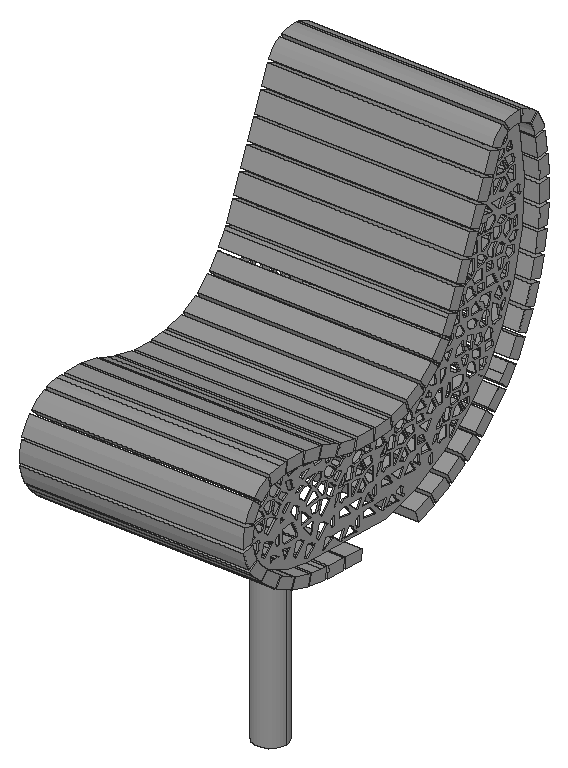
Revit family "Кресло стальное «Филигран Уно» Арт 14883", category Антураж, Revit 2018
Family settings
  На основе рабочей плоскости = Нет
  Всегда вертикально = Да
  При загрузке вырезать с полостями = Нет
  Источник визуального образа = Геометрия семейства
  Общий = Нет
  Точка расчета площади = Нет
Parameters (values of type "Кресло стальное «Филигран Уно»")
  Ширина = 1204 mm  # constant formula
  Цвет опор = Сталь
  Цвет лавки = Дерево
  Описание = "Кресло стальное «Филигран Уно»"  # constant formula
  Материал изделия = "Сталь, дерево"  # constant formula
  Изображение типоразмера = Кресло стальное «Филигран Уно» Арт 14883.jpg
  Изготовитель = "ООО «Хоббика»"  # constant formula
  Длина = 700 mm  # constant formula
  Группа модели = "Садовые скамейки"  # constant formula
  Высота = 1104 mm  # constant formula
  Артикул товара = "Арт. 14883"  # constant formula
  URL = "https://hobbyka.ru/product/kreslo_filigran_uno/"
Reference planes
  plane 1 "По центру (Вперед/Назад)": y = 0
  plane 2: z = 0
  plane 3 "По центру (Влево/Вправо)": x = 0
  plane 4: x = 700
  plane 5: y = 1204
  plane 6: z = 1104
Forms (mm)
  Extrusion 1, solid, material "Дерево" <- "Цвет лавки"
    sketch origin (0, 0, 0) x (0, 1, 0) y (0, 0, 1)
      loop
        line (1001.019, 1026.274) -> (968.864, 1040.096) -> (945.169, 984.973) -> (977.325, 971.151) -> (1001.047, 1026.34)
      loop
        arc (798.892, 644.667) -> (789.654, 624.919) -> (779.007, 605.893) r 300
        line (779.007, 605.893) -> (808.187, 586.521)
        arc (808.187, 586.521) -> (820.462, 608.294) -> (831.079, 630.921) r 335
        line (831.079, 630.921) -> (835.159, 640.411) -> (803.003, 654.233) -> (798.892, 644.667)
      loop
        arc (559.271, 464.052) -> (537.83, 461.938) -> (516.313, 460.851) r 450.694
        line (516.313, 460.851) -> (514.185, 425.792)
        arc (514.185, 425.792) -> (538.906, 426.923) -> (563.536, 429.313) r 485.694
        arc (563.536, 429.313) -> (568.799, 430.001) -> (574.05, 430.773) r 335
        line (574.05, 430.773) -> (569.91, 465.552)
        arc (569.91, 465.552) -> (564.597, 464.754) -> (559.271, 464.052) r 300
      loop
        arc (342.831, 490.627) -> (327.045, 496.349) -> (311.054, 501.472) r 446.201
        line (311.054, 501.472) -> (298.312, 468.743)
        arc (298.312, 468.743) -> (314.411, 463.675) -> (330.288, 457.952) r 411.201
        arc (330.288, 457.952) -> (342.584, 453.421) -> (354.997, 449.224) r 485.694
        line (354.997, 449.224) -> (368.463, 481.664)
        arc (368.463, 481.664) -> (355.579, 485.953) -> (342.831, 490.627) r 450.694
      loop
        arc (144.038, 518.566) -> (123.448, 515.405) -> (103.443, 509.598) r 160.168
        line (103.443, 509.598) -> (110.226, 474.701)
        arc (110.226, 474.701) -> (128.314, 480.605) -> (147.088, 483.699) r 125.168
        arc (147.088, 483.699) -> (153.798, 484.231) -> (160.516, 484.652) r 411.201
        line (160.516, 484.652) -> (162.651, 519.803)
        arc (162.651, 519.803) -> (153.338, 519.281) -> (144.038, 518.566) r 446.201
      loop
        arc (40.858, 249.773) -> (52.674, 237.623) -> (64.989, 225.977) r 404.732
        line (64.989, 225.977) -> (88.499, 251.905)
        arc (88.499, 251.905) -> (77.25, 262.543) -> (66.456, 273.643) r 369.732
        arc (66.456, 273.643) -> (59.58, 281.671) -> (53.405, 290.251) r 125.168
        line (53.405, 290.251) -> (24.674, 270.247)
        arc (24.674, 270.247) -> (32.348, 259.68) -> (40.858, 249.773) r 160.168
      loop
        arc (301.586, 122.608) -> (310.154, 121.867) -> (318.723, 121.143) r 4333.056
        line (318.723, 121.143) -> (321.635, 156.022)
        arc (321.635, 156.022) -> (313.135, 156.74) -> (304.636, 157.475) r 4298.056
        arc (304.636, 157.475) -> (285.222, 159.692) -> (265.953, 162.931) r 369.732
        line (265.953, 162.931) -> (259.241, 128.581)
        arc (259.241, 128.581) -> (280.334, 125.035) -> (301.586, 122.608) r 404.732
      loop
        arc (685.944, 122.244) -> (714.486, 131.477) -> (742.618, 141.892) r 719.086
        line (742.618, 141.892) -> (728.036, 173.768)
        arc (728.036, 173.768) -> (701.246, 163.933) -> (674.07, 155.224) r 684.086
        line (674.07, 155.224) -> (685.944, 122.244)
      loop
        arc (1046.854, 369.803) -> (1056.822, 384.372) -> (1066.472, 399.154) r 815.448
        line (1066.472, 399.154) -> (1036.959, 417.969)
        arc (1036.959, 417.969) -> (1027.964, 404.182) -> (1018.681, 390.588) r 780.448
        arc (1018.681, 390.588) -> (1011.063, 380.985) -> (1003.274, 371.519) r 684.086
        line (1003.274, 371.519) -> (1031.366, 350.554)
        arc (1031.366, 350.554) -> (1039.193, 360.112) -> (1046.854, 369.803) r 719.086
      loop
        arc (1173.094, 1022.324) -> (1164.513, 1046.113) -> (1150.627, 1067.25) r 107.821
        line (1150.627, 1067.25) -> (1125.796, 1042.291)
        arc (1125.796, 1042.291) -> (1135.772, 1024.731) -> (1140.542, 1005.105) r 72.821
        line (1140.542, 1005.105) -> (1175.149, 1013.262)
        arc (1175.149, 1013.262) -> (1174.134, 1017.796) -> (1173.094, 1022.324) r 815.448
      loop
        arc (460.185, 146.705) -> (430.472, 148.325) -> (400.77, 150.15) r 4298.056
        line (400.77, 150.15) -> (398.503, 115.223)
        arc (398.503, 115.223) -> (428.446, 113.383) -> (458.401, 111.751) r 4333.056
        line (458.401, 111.751) -> (460.185, 146.705)
      loop
        line (941.22, 975.786) -> (917.526, 920.662) -> (949.681, 906.841) -> (973.376, 961.964) -> (941.22, 975.786)
      loop
        line (913.577, 911.475) -> (889.883, 856.352) -> (922.038, 842.53) -> (945.732, 897.653) -> (913.577, 911.475)
      loop
        line (885.933, 847.164) -> (862.239, 792.041) -> (894.394, 778.219) -> (918.089, 833.343) -> (885.933, 847.164)
      loop
        line (858.29, 782.854) -> (834.596, 727.731) -> (866.751, 713.909) -> (890.445, 769.032) -> (858.29, 782.854)
      loop
        line (830.647, 718.543) -> (806.952, 663.42) -> (839.108, 649.598) -> (862.802, 704.722) -> (830.647, 718.543)
      loop
        line (973.205, 1049.115) -> (1005.551, 1035.211)
        arc (1005.551, 1035.211) -> (1018.207, 1050.95) -> (1034.7, 1062.607) r 72.821
        line (1034.7, 1062.607) -> (1014.578, 1091.498)
        arc (1014.578, 1091.498) -> (990.924, 1073.203) -> (973.205, 1049.115) r 107.821
      loop
        arc (774.239, 598.313) -> (758.609, 576.473) -> (741.088, 556.119) r 300
        line (741.088, 556.119) -> (765.614, 531.116)
        arc (765.614, 531.116) -> (785.273, 553.764) -> (802.828, 578.079) r 335
        line (802.828, 578.079) -> (774.239, 598.313)
      loop
        arc (734.851, 549.693) -> (715.03, 531.57) -> (693.668, 515.293) r 300
        line (693.668, 515.293) -> (712.475, 485.746)
        arc (712.475, 485.746) -> (736.404, 503.824) -> (758.621, 523.969) r 335
        line (758.621, 523.969) -> (734.851, 549.693)
      loop
        arc (686.234, 510.3) -> (663.085, 496.684) -> (638.812, 485.192) r 300
        line (638.812, 485.192) -> (651.08, 452.387)
        arc (651.08, 452.387) -> (678.238, 465.107) -> (704.151, 480.205) r 335
        line (704.151, 480.205) -> (686.234, 510.3)
      loop
        arc (630.422, 481.819) -> (604.949, 473.308) -> (578.818, 467.109) r 300
        line (578.818, 467.109) -> (584.004, 432.471)
        arc (584.004, 432.471) -> (613.212, 439.272) -> (641.696, 448.658) r 335
        line (641.696, 448.658) -> (630.422, 481.819)
      loop
        arc (506.315, 460.697) -> (476.333, 461.564) -> (446.475, 464.423) r 450.694
        line (446.475, 464.423) -> (438.949, 430.115)
        arc (438.949, 430.115) -> (471.106, 426.831) -> (503.409, 425.693) r 485.694
        line (503.409, 425.693) -> (506.315, 460.697)
      loop
        arc (436.573, 465.817) -> (407.086, 471.312) -> (378.03, 478.755) r 450.694
        line (378.03, 478.755) -> (365.287, 446.024)
        arc (365.287, 446.024) -> (396.549, 437.806) -> (428.288, 431.684) r 485.694
        line (428.288, 431.684) -> (436.573, 465.817)
      loop
        arc (301.444, 504.236) -> (272.276, 511.226) -> (242.703, 516.241) r 446.201
        line (242.703, 516.241) -> (234.853, 481.972)
        arc (234.853, 481.972) -> (262.238, 477.542) -> (289.261, 471.277) r 411.201
        line (289.261, 471.277) -> (301.444, 504.236)
      loop
        arc (232.735, 517.475) -> (202.765, 519.822) -> (172.705, 520.146) r 446.201
        line (172.705, 520.146) -> (169.945, 485.059)
        arc (169.945, 485.059) -> (197.753, 484.996) -> (225.493, 483.055) r 411.201
        line (225.493, 483.055) -> (232.735, 517.475)
      loop
        arc (94.153, 505.901) -> (67.917, 491.443) -> (44.832, 472.353) r 160.168
        line (44.832, 472.353) -> (70.078, 448.098)
        arc (70.078, 448.098) -> (85.747, 461.217) -> (103.341, 471.611) r 125.168
        line (103.341, 471.611) -> (94.153, 505.901)
      loop
        line (1023.478, 1096.05) -> (1040.837, 1065.42)
        arc (1040.837, 1065.42) -> (1060.434, 1070.305) -> (1080.618, 1069.62) r 72.821
        line (1080.618, 1069.62) -> (1082.057, 1104.798)
        arc (1082.057, 1104.798) -> (1052.155, 1104.525) -> (1023.478, 1096.05) r 107.821
      loop
        line (1091.898, 1103.044) -> (1087.208, 1068.15)
        arc (1087.208, 1068.15) -> (1105.771, 1060.194) -> (1121.435, 1047.445) r 72.821
        line (1121.435, 1047.445) -> (1143.848, 1074.597)
        arc (1143.848, 1074.597) -> (1119.865, 1092.457) -> (1091.898, 1103.044) r 107.821
      loop
        line (1177.253, 1003.44) -> (1142.51, 998.588)
        arc (1142.51, 998.588) -> (1148.107, 969.295) -> (1152.58, 939.81) r 780.448
        line (1152.58, 939.81) -> (1187.278, 944.397)
        arc (1187.278, 944.397) -> (1182.808, 974.011) -> (1177.253, 1003.44) r 815.448
      loop
        line (1188.528, 934.476) -> (1153.777, 930.314)
        arc (1153.777, 930.314) -> (1156.666, 901.749) -> (1158.502, 873.097) r 780.448
        line (1158.502, 873.097) -> (1193.466, 874.693)
        arc (1193.466, 874.693) -> (1191.547, 904.63) -> (1188.528, 934.476) r 815.448
      loop
        line (1193.861, 864.701) -> (1158.88, 863.534)
        arc (1158.88, 863.534) -> (1159.31, 834.826) -> (1158.683, 806.122) r 780.448
        line (1158.683, 806.122) -> (1193.655, 804.715)
        arc (1193.655, 804.715) -> (1194.309, 834.706) -> (1193.861, 864.701) r 815.448
      loop
        line (1193.191, 794.726) -> (1158.239, 796.562)
        arc (1158.239, 796.562) -> (1156.206, 767.923) -> (1153.121, 739.379) r 780.448
        line (1153.121, 739.379) -> (1187.843, 734.978)
        arc (1187.843, 734.978) -> (1191.067, 764.803) -> (1193.191, 794.726) r 815.448
      loop
        line (1186.525, 725.065) -> (1151.859, 729.891)
        arc (1151.859, 729.891) -> (1147.378, 701.533) -> (1141.856, 673.358) r 780.448
        line (1141.856, 673.358) -> (1176.074, 665.996)
        arc (1176.074, 665.996) -> (1181.842, 695.435) -> (1186.525, 725.065) r 815.448
      loop
        line (1173.91, 656.233) -> (1139.786, 664.014)
        arc (1139.786, 664.014) -> (1132.89, 636.143) -> (1124.973, 608.546) r 780.448
        line (1124.973, 608.546) -> (1158.433, 598.278)
        arc (1158.433, 598.278) -> (1166.705, 627.113) -> (1173.91, 656.233) r 815.448
      loop
        line (1155.441, 588.736) -> (1122.109, 599.414)
        arc (1122.109, 599.414) -> (1112.849, 572.237) -> (1102.595, 545.42) r 780.448
        line (1102.595, 545.42) -> (1135.052, 532.321)
        arc (1135.052, 532.321) -> (1145.765, 560.341) -> (1155.441, 588.736) r 815.448
      loop
        line (1131.253, 523.071) -> (1098.959, 536.567)
        arc (1098.959, 536.567) -> (1087.403, 510.284) -> (1074.888, 484.445) r 780.448
        line (1074.888, 484.445) -> (1106.102, 468.612)
        arc (1106.102, 468.612) -> (1119.178, 495.61) -> (1131.253, 523.071) r 815.448
      loop
        line (1101.523, 459.721) -> (1070.506, 475.936)
        arc (1070.506, 475.936) -> (1056.739, 450.742) -> (1042.054, 426.07) r 780.448
        line (1042.054, 426.07) -> (1071.796, 407.619)
        arc (1071.796, 407.619) -> (1087.139, 433.397) -> (1101.523, 459.721) r 815.448
      loop
        line (1024.912, 342.916) -> (997.114, 364.27)
        arc (997.114, 364.27) -> (978.035, 343.047) -> (958.088, 322.638) r 684.086
        line (958.088, 322.638) -> (984.01, 299.042)
        arc (984.01, 299.042) -> (1004.918, 320.552) -> (1024.912, 342.916) r 719.086
      loop
        line (976.843, 292.068) -> (951.252, 316.022)
        arc (951.252, 316.022) -> (930.202, 296.753) -> (908.366, 278.38) r 684.086
        line (908.366, 278.38) -> (931.871, 252.376)
        arc (931.871, 252.376) -> (954.771, 271.753) -> (976.843, 292.068) r 719.086
      loop
        line (924.061, 246.132) -> (900.919, 272.46)
        arc (900.919, 272.46) -> (878.095, 255.329) -> (854.577, 239.164) r 684.086
        line (854.577, 239.164) -> (875.444, 210.999)
        arc (875.444, 210.999) -> (900.119, 228.058) -> (924.061, 246.132) r 719.086
      loop
        line (867.063, 205.543) -> (846.59, 233.996)
        arc (846.59, 233.996) -> (822.209, 219.164) -> (797.231, 205.362) r 684.086
        line (797.231, 205.362) -> (815.262, 175.302)
        arc (815.262, 175.302) -> (841.478, 189.882) -> (867.063, 205.543) r 719.086
      loop
        line (806.391, 170.687) -> (788.78, 200.994)
        arc (788.78, 200.994) -> (763.073, 188.602) -> (736.872, 177.293) r 684.086
        line (736.872, 177.293) -> (751.895, 145.623)
        arc (751.895, 145.623) -> (779.404, 157.587) -> (806.391, 170.687) r 719.086
      loop
        arc (37.98, 465.071) -> (20.329, 440.868) -> (7.494, 413.801) r 160.168
        line (7.494, 413.801) -> (40.633, 402.511)
        arc (40.633, 402.511) -> (50.787, 423.605) -> (64.691, 442.439) r 125.168
        line (64.691, 442.439) -> (37.98, 465.071)
      loop
        arc (4.368, 404.303) -> (-1.38, 374.904) -> (-1.552, 344.948) r 160.168
        line (-1.552, 344.948) -> (33.251, 348.747)
        arc (33.251, 348.747) -> (33.522, 372.155) -> (38.147, 395.104) r 125.168
        line (38.147, 395.104) -> (4.368, 404.303)
      loop
        arc (-0.364, 335.021) -> (6.872, 305.952) -> (19.395, 278.738) r 160.168
        line (19.395, 278.738) -> (49.319, 296.911)
        arc (49.319, 296.911) -> (39.657, 318.234) -> (34.134, 340.983) r 125.168
        line (34.134, 340.983) -> (-0.364, 335.021)
      loop
        arc (72.479, 219.352) -> (95.899, 200.615) -> (120.642, 183.663) r 404.732
        line (120.642, 183.663) -> (139.34, 213.25)
        arc (139.34, 213.25) -> (116.736, 228.736) -> (95.342, 245.853) r 369.732
        line (95.342, 245.853) -> (72.479, 219.352)
      loop
        arc (129.161, 178.426) -> (155.456, 163.998) -> (182.747, 151.558) r 404.732
        line (182.747, 151.558) -> (196.075, 183.921)
        arc (196.075, 183.921) -> (171.143, 195.286) -> (147.122, 208.466) r 369.732
        line (147.122, 208.466) -> (129.161, 178.426)
      loop
        arc (192.04, 147.865) -> (220.426, 138.178) -> (249.451, 130.619) r 404.732
        line (249.451, 130.619) -> (257.01, 164.793)
        arc (257.01, 164.793) -> (230.495, 171.698) -> (204.564, 180.547) r 369.732
        line (204.564, 180.547) -> (192.04, 147.865)
      loop
        arc (328.689, 120.323) -> (358.599, 117.999) -> (388.524, 115.883) r 4333.056
        line (388.524, 115.883) -> (390.872, 150.804)
        arc (390.872, 150.804) -> (361.189, 152.903) -> (331.521, 155.208) r 4298.056
        line (331.521, 155.208) -> (328.689, 120.323)
    from 0 to 700
  Extrusion 2, solid, material "Сталь" <- "Цвет опор"
    sketch origin (0, 0, 0) x (0, 1, 0) y (0, 0, 1)
      loop
        arc (304.636, 157.475) -> (462.22, 146.602) -> (620.098, 141.526) r 4298.056
        arc (620.098, 141.526) -> (841.45, 230.752) -> (1018.681, 390.588) r 684.086
        arc (1018.681, 390.588) -> (1074.582, 483.843) -> (1116.981, 583.962) r 780.448
        arc (1116.981, 583.962) -> (1158.295, 797.626) -> (1139.005, 1014.391) r 780.448
        arc (1139.005, 1014.391) -> (1074.363, 1070.436) -> (1001.047, 1026.34) r 72.821
        line (1001.047, 1026.34) -> (831.079, 630.921)
        arc (831.079, 630.921) -> (819.769, 606.957) -> (806.599, 583.962) r 335
        arc (806.599, 583.962) -> (702.541, 479.175) -> (563.536, 429.313) r 335
        arc (563.536, 429.313) -> (445.154, 429.313) -> (330.288, 457.952) r 485.694
        arc (330.288, 457.952) -> (240.155, 481.262) -> (147.088, 483.699) r 411.201
        arc (147.088, 483.699) -> (41.143, 403.864) -> (66.456, 273.643) r 125.168
        arc (66.456, 273.643) -> (174.78, 193.487) -> (304.636, 157.475) r 369.732
      loop
        line (1107.727, 583.962) -> (1103.569, 603.525) -> (1076.286, 603.525) -> (1080.444, 583.962) -> (1093.585, 569.82) -> (1107.727, 583.962)
      loop
        line (1074.218, 583.962) -> (1059.661, 609.175) -> (1041.146, 583.962) -> (1063.186, 560.243) -> (1078.405, 568.336) -> (1074.218, 583.962)
      loop
        line (1030.196, 583.962) -> (1033.645, 603.525) -> (991.748, 603.525) -> (981.142, 592.918) -> (998.719, 583.962) -> (1005.389, 563.321) -> (1024.277, 563.321) -> (1030.196, 583.962)
      loop
        line (979.864, 583.962) -> (969.864, 601.282) -> (952.543, 583.962) -> (951.094, 564.071) -> (992.781, 564.071) -> (979.864, 583.962)
      loop
        line (943.404, 583.962) -> (943.404, 598.962) -> (914.319, 598.962) -> (914.319, 583.962) -> (922.078, 572.014) -> (943.404, 566.3) -> (943.404, 583.962)
      loop
        line (908.076, 583.962) -> (908.076, 598.962) -> (891.518, 611.309) -> (879.172, 598.962) -> (879.172, 583.962) -> (874.882, 563.321) -> (909.882, 563.321) -> (908.076, 583.962)
      loop
        line (866.089, 583.962) -> (864.777, 598.962) -> (841.544, 612.375) -> (825.127, 583.939) -> (840.619, 571.835) -> (869.596, 564.071) -> (866.089, 583.962)
      loop
        line (1059.923, 550.905) -> (1035.348, 568.113) -> (1029.244, 538.74) -> (1032.294, 503.874) -> (1067.161, 506.924) -> (1059.923, 550.905)
      loop
        line (1088.688, 564.361) -> (1063.794, 548.195) -> (1071.481, 524.406) -> (1088.688, 548.98) -> (1088.688, 564.361)
      loop
        line (1020.501, 558.207) -> (1002.811, 558.207) -> (982.736, 529.537) -> (992.125, 511.878) -> (1017.125, 511.878) -> (1020.501, 558.207)
      loop
        line (977.38, 539.806) -> (958.979, 558.207) -> (933.979, 558.207) -> (933.979, 543.207) -> (948.515, 528.671) -> (972.663, 522.201) -> (977.38, 539.806)
      loop
        line (929.662, 533.131) -> (913.377, 558.207) -> (898.377, 558.207) -> (886.905, 541.824) -> (897.798, 525.051) -> (922.732, 523.234) -> (929.662, 533.131)
      loop
        line (883.435, 548.199) -> (860.909, 561.733) -> (850.302, 551.127) -> (850.302, 523.583) -> (869.293, 516.671) -> (883.435, 530.813) -> (883.435, 548.199)
      loop
        line (840.302, 562.971) -> (813.908, 572.578) -> (813.908, 549.715) -> (840.302, 523.321) -> (840.302, 562.971)
      loop
        line (805.089, 515.351) -> (805.089, 538.771) -> (779.079, 515.351) -> (805.089, 515.351)
      loop
        line (1036.209, 495.793) -> (1021.192, 506.308) -> (1000.447, 490.101) -> (1004.154, 467.579) -> (1034.154, 467.579) -> (1036.209, 495.793)
      loop
        line (993.761, 501.239) -> (973.962, 508.839) -> (963.365, 481.232) -> (977.507, 467.09) -> (998.276, 473.801) -> (993.761, 501.239)
      loop
        line (962.25, 511.65) -> (933.979, 519.225) -> (931.799, 489.305) -> (945.704, 471.506) -> (959.253, 470.519) -> (962.25, 511.65)
      loop
        line (923.832, 496.354) -> (923.832, 516.736) -> (891.773, 497.473) -> (889.957, 472.539) -> (931.527, 472.539) -> (923.832, 496.354)
      loop
        line (883.716, 509.236) -> (840.302, 505.437) -> (861.667, 472.539) -> (883.716, 509.236)
      loop
        line (821.034, 510.41) -> (794.794, 503.616) -> (794.794, 471.737) -> (812.264, 470.464) -> (831.295, 476.614) -> (836.426, 490.709) -> (821.034, 510.41)
      loop
        line (791.667, 501.024) -> (769.855, 501.024) -> (766.8, 459.096) -> (779.38, 467.265) -> (791.667, 501.024)
      loop
        line (763.193, 501.393) -> (724.226, 470.948) -> (761.211, 474.184) -> (763.193, 501.393)
      loop
        line (739.288, 465.621) -> (717.407, 465.621) -> (700.633, 454.728) -> (714.784, 431.178) -> (731.696, 431.178) -> (739.288, 465.621)
      loop
        line (765.37, 453.752) -> (746.41, 453.752) -> (746.41, 425.46) -> (766.41, 425.46) -> (773.482, 432.531) -> (773.482, 445.641) -> (765.37, 453.752)
      loop
        line (814.794, 465.621) -> (790.719, 465.621) -> (783.726, 458.628) -> (783.726, 445.672) -> (798.276, 435.484) -> (817.807, 431.178) -> (814.794, 465.621)
      loop
        line (859.258, 467.103) -> (830.598, 467.103) -> (830.598, 422.103) -> (835.598, 422.103) -> (854.478, 445.417) -> (859.258, 467.103)
      loop
        line (891.514, 464.69) -> (868.761, 464.69) -> (868.761, 446.155) -> (894.476, 430.704) -> (907.123, 430.704) -> (891.514, 464.69)
      loop
        line (940.897, 465.621) -> (910.69, 465.621) -> (918.208, 436.578) -> (935.894, 436.578) -> (943.373, 456.06) -> (940.897, 465.621)
      loop
        line (991.24, 465.621) -> (956.24, 465.621) -> (955.15, 450.66) -> (966.152, 436.578) -> (991.24, 434.75) -> (991.24, 465.621)
      loop
        line (1039.253, 464.69) -> (1005.121, 461.704) -> (1005.121, 439.477) -> (1041.183, 442.632) -> (1039.253, 464.69)
      loop
        line (1012.193, 428.336) -> (982.193, 428.336) -> (982.193, 396.715) -> (1005.121, 400.488) -> (1012.193, 428.336)
      loop
        line (967.919, 429.166) -> (954.28, 438.717) -> (939.337, 437.409) -> (930.689, 423.017) -> (930.689, 403.017) -> (950.989, 393.551) -> (976.561, 395.788) -> (967.919, 429.166)
      loop
        line (705.557, 432.877) -> (684.951, 441.734) -> (659.951, 441.734) -> (659.951, 401.734) -> (694.951, 401.734) -> (705.557, 412.341) -> (705.557, 432.877)
      loop
        line (641.776, 435.228) -> (631.584, 396.561) -> (644.225, 391.127) -> (654.831, 401.734) -> (654.831, 435.228) -> (641.776, 435.228)
      loop
        line (726.503, 373.075) -> (721.293, 402.62) -> (711.911, 406.653) -> (698.03, 392.772) -> (701.503, 373.075) -> (726.503, 373.075)
      loop
        line (733.168, 335.274) -> (728.046, 364.322) -> (689.683, 364.322) -> (708.922, 330.999) -> (733.168, 335.274)
      loop
        line (736.586, 283.084) -> (736.586, 330.8) -> (712.852, 326.615) -> (698.173, 316.336) -> (717.371, 283.084) -> (736.586, 283.084)
      loop
        line (755.848, 232.071) -> (748.099, 276.016) -> (721.702, 257.533) -> (755.848, 232.071)
      loop
        line (683.519, 230.797) -> (736.586, 228.016) -> (711.832, 263.368) -> (683.519, 230.797)
      loop
        line (691.828, 396.413) -> (659.951, 396.413) -> (649.344, 385.806) -> (649.344, 373.075) -> (659.951, 362.469) -> (684.571, 366.81) -> (695.178, 377.417) -> (691.828, 396.413)
      loop
        line (629.575, 366.038) -> (624.01, 334.477) -> (631.873, 326.615) -> (651.873, 326.615) -> (657.273, 357.236) -> (645.639, 368.87) -> (629.575, 366.038)
      loop
        line (596.597, 323.059) -> (618.368, 323.059) -> (625.17, 361.632) -> (596.597, 333.059) -> (596.597, 323.059)
      loop
        line (639.695, 282.97) -> (639.695, 320.198) -> (623.467, 323.059) -> (606.452, 313.235) -> (599.526, 286.957) -> (610.132, 276.35) -> (621.598, 282.97) -> (639.695, 282.97)
      loop
        line (645.855, 316.644) -> (645.855, 281.644) -> (654.831, 272.668) -> (686.275, 314.836) -> (659.951, 321.774) -> (645.855, 316.644)
      loop
        line (684.454, 363.231) -> (664.063, 351.458) -> (659.951, 328.14) -> (690.504, 322.753) -> (703.494, 330.253) -> (684.454, 363.231)
      loop
        line (594.997, 289.739) -> (601.587, 314.741) -> (587.368, 309.566) -> (577.677, 279.739) -> (594.997, 289.739)
      loop
        line (669.15, 280.122) -> (692.118, 270.249) -> (710.448, 283.084) -> (691.504, 315.896) -> (669.15, 280.122)
      loop
        line (693.721, 260.793) -> (639.695, 260.793) -> (672.944, 227.544) -> (693.721, 260.793)
      loop
        line (622.872, 263.61) -> (598.252, 259.269) -> (598.252, 239.269) -> (651.686, 229.847) -> (622.872, 263.61)
      loop
        line (583.185, 263.226) -> (563.379, 249.357) -> (567.68, 224.964) -> (583.185, 224.964) -> (583.185, 263.226)
      loop
        line (924.38, 415.85) -> (903.773, 424.707) -> (878.773, 424.707) -> (878.773, 384.707) -> (913.773, 384.707) -> (924.38, 395.314) -> (924.38, 415.85)
      loop
        line (860.598, 418.201) -> (850.406, 379.534) -> (863.047, 374.101) -> (873.654, 384.707) -> (873.654, 418.201) -> (860.598, 418.201)
      loop
        line (945.326, 356.049) -> (940.116, 385.593) -> (930.734, 389.626) -> (916.853, 375.745) -> (920.326, 356.049) -> (945.326, 356.049)
      loop
        line (946.869, 323.369) -> (946.869, 347.295) -> (908.506, 347.295) -> (927.745, 313.972) -> (946.869, 323.369)
      loop
        line (843.61, 369.937) -> (843.61, 417.653) -> (819.876, 413.468) -> (805.197, 403.189) -> (824.395, 369.937) -> (843.61, 369.937)
      loop
        line (792.805, 408.118) -> (791.896, 433.269) -> (765.499, 414.786) -> (792.805, 408.118)
      loop
        line (727.316, 388.049) -> (780.383, 385.268) -> (755.63, 420.62) -> (727.316, 388.049)
      loop
        line (910.651, 379.386) -> (878.773, 379.386) -> (868.167, 368.78) -> (868.167, 356.049) -> (878.773, 345.442) -> (903.394, 349.783) -> (914, 360.39) -> (910.651, 379.386)
      loop
        line (848.398, 349.011) -> (842.833, 317.451) -> (850.696, 309.588) -> (870.696, 309.588) -> (876.095, 340.21) -> (864.462, 351.843) -> (848.398, 349.011)
      loop
        line (815.42, 306.032) -> (837.191, 306.032) -> (843.992, 344.605) -> (815.42, 316.032) -> (815.42, 306.032)
      loop
        line (858.518, 265.943) -> (858.518, 303.171) -> (842.29, 306.032) -> (825.275, 296.209) -> (818.348, 269.93) -> (828.955, 259.324) -> (840.42, 265.943) -> (858.518, 265.943)
      loop
        line (864.678, 299.617) -> (864.678, 264.617) -> (873.654, 255.641) -> (905.097, 297.809) -> (878.773, 304.747) -> (864.678, 299.617)
      loop
        line (903.276, 346.204) -> (882.885, 334.432) -> (878.773, 311.113) -> (909.326, 305.726) -> (922.316, 313.226) -> (903.276, 346.204)
      loop
        line (813.82, 272.712) -> (820.41, 297.714) -> (806.191, 292.539) -> (796.499, 262.712) -> (813.82, 272.712)
      loop
        line (776.174, 366.975) -> (799.142, 357.102) -> (817.472, 369.937) -> (798.528, 402.749) -> (776.174, 366.975)
      loop
        line (800.745, 347.645) -> (746.72, 347.645) -> (779.969, 314.396) -> (800.745, 347.645)
      loop
        line (759.551, 379.765) -> (734.931, 375.424) -> (734.931, 355.424) -> (772.199, 352.951) -> (759.551, 379.765)
      loop
        line (802.008, 256.199) -> (782.201, 242.33) -> (786.502, 217.938) -> (802.008, 217.938) -> (802.008, 256.199)
      loop
        line (763.076, 320.35) -> (738.456, 316.009) -> (738.456, 296.009) -> (775.725, 293.535) -> (763.076, 320.35)
      loop
        line (780.433, 287.207) -> (755.813, 282.866) -> (755.813, 262.866) -> (793.081, 260.392) -> (780.433, 287.207)
      loop
        line (541.204, 418.06) -> (532.481, 421.81) -> (495.598, 421.81) -> (495.598, 386.918) -> (530.598, 386.918) -> (541.204, 397.524) -> (541.204, 418.06)
      loop
        line (477.422, 420.412) -> (467.23, 381.745) -> (479.871, 376.311) -> (490.478, 386.918) -> (490.478, 420.412) -> (477.422, 420.412)
      loop
        line (562.15, 358.259) -> (556.94, 387.803) -> (547.558, 391.836) -> (533.677, 377.955) -> (537.15, 358.259) -> (562.15, 358.259)
      loop
        line (568.815, 320.458) -> (563.693, 349.505) -> (525.33, 349.505) -> (544.569, 316.183) -> (568.815, 320.458)
      loop
        line (572.233, 268.268) -> (572.233, 315.983) -> (548.498, 311.798) -> (533.819, 301.52) -> (553.018, 268.268) -> (572.233, 268.268)
      loop
        line (519.166, 215.98) -> (572.233, 213.199) -> (547.479, 248.551) -> (519.166, 215.98)
      loop
        line (527.475, 381.597) -> (495.598, 381.597) -> (484.991, 370.99) -> (484.991, 358.259) -> (495.598, 347.652) -> (520.218, 351.994) -> (530.825, 362.6) -> (527.475, 381.597)
      loop
        line (465.222, 351.221) -> (459.657, 319.661) -> (467.52, 311.798) -> (487.52, 311.798) -> (492.919, 342.42) -> (481.286, 354.054) -> (465.222, 351.221)
      loop
        line (432.244, 308.243) -> (454.015, 308.243) -> (460.816, 346.815) -> (432.244, 318.243) -> (432.244, 308.243)
      loop
        line (475.342, 268.154) -> (475.342, 305.381) -> (459.114, 308.243) -> (442.099, 298.419) -> (435.172, 272.141) -> (445.779, 261.534) -> (457.245, 268.154) -> (475.342, 268.154)
      loop
        line (481.502, 301.827) -> (481.502, 266.827) -> (490.478, 257.852) -> (521.921, 300.019) -> (495.598, 306.958) -> (481.502, 301.827)
      loop
        line (520.101, 348.415) -> (499.709, 336.642) -> (495.598, 313.324) -> (526.15, 307.936) -> (539.141, 315.436) -> (520.101, 348.415)
      loop
        line (430.644, 274.922) -> (437.234, 299.925) -> (423.015, 294.749) -> (413.324, 264.922) -> (430.644, 274.922)
      loop
        line (504.797, 265.306) -> (527.765, 255.433) -> (546.095, 268.268) -> (527.151, 301.079) -> (504.797, 265.306)
      loop
        line (529.367, 245.976) -> (475.342, 245.976) -> (508.591, 212.727) -> (529.367, 245.976)
      loop
        line (458.519, 248.794) -> (433.899, 244.453) -> (433.899, 224.453) -> (487.333, 215.031) -> (458.519, 248.794)
      loop
        line (418.832, 248.41) -> (399.026, 234.541) -> (403.327, 210.148) -> (418.832, 210.148) -> (418.832, 248.41)
      loop
        line (456.796, 383.773) -> (448.988, 404.8) -> (431.738, 422.895) -> (402.786, 395.294) -> (426.937, 369.961) -> (441.933, 369.603) -> (456.796, 383.773)
      loop
        line (414.487, 431.561) -> (379.468, 412.256) -> (384.258, 399.358) -> (399.254, 399) -> (423.496, 422.111) -> (414.487, 431.561)
      loop
        line (427.966, 327.349) -> (445.755, 351.506) -> (442.2, 361.08) -> (422.575, 361.548) -> (410.715, 345.444) -> (427.966, 327.349)
      loop
        line (405.205, 296.441) -> (422.695, 320.192) -> (396.224, 347.959) -> (385.38, 311.04) -> (405.205, 296.441)
      loop
        line (369.789, 257.955) -> (404.325, 290.88) -> (384.918, 305.171) -> (367.35, 308.703) -> (356.53, 271.863) -> (369.789, 257.955)
      loop
        line (295.326, 260.285) -> (329.931, 219.957) -> (338.437, 262.267) -> (295.326, 260.285)
      loop
        line (420.931, 368.55) -> (398.935, 391.622) -> (383.939, 391.98) -> (374.725, 383.196) -> (374.367, 368.2) -> (394.497, 353.376) -> (409.493, 353.018) -> (420.931, 368.55)
      loop
        line (355.99, 392.648) -> (329.307, 374.899) -> (329.041, 363.782) -> (342.842, 349.307) -> (368.731, 366.528) -> (369.124, 382.976) -> (355.99, 392.648)
      loop
        line (302.127, 386.861) -> (317.149, 371.104) -> (349.761, 392.797) -> (309.365, 393.762) -> (302.127, 386.861)
      loop
        line (302.849, 328.005) -> (329.794, 353.693) -> (320.668, 367.413) -> (301.817, 372.95) -> (278.017, 359.83) -> (277.659, 344.835) -> (290.362, 341.104) -> (302.849, 328.005)
      loop
        line (331.473, 346.782) -> (306.14, 322.631) -> (305.837, 309.941) -> (358.054, 316.279) -> (344.912, 340.12) -> (331.473, 346.782)
      loop
        line (391.826, 350.991) -> (369.234, 357.627) -> (349.52, 344.513) -> (366.703, 318.682) -> (381.095, 314.454) -> (391.826, 350.991)
      loop
        line (276.906, 365.028) -> (299.55, 377.51) -> (285.992, 384.23) -> (257.716, 370.664) -> (276.906, 365.028)
      loop
        line (321.112, 304.721) -> (329.815, 281.284) -> (351.753, 276.874) -> (362.43, 313.226) -> (321.112, 304.721)
      loop
        line (324.076, 273.599) -> (286.798, 312.702) -> (285.675, 265.694) -> (324.076, 273.599)
      loop
        line (277.229, 326.823) -> (257.098, 341.647) -> (242.622, 327.847) -> (272.674, 282.671) -> (277.229, 326.823)
      loop
        line (249.566, 355.282) -> (225.861, 360.048) -> (211.173, 340.104) -> (221.872, 328.881) -> (249.566, 355.282)
      loop
        line (605.719, 424.728) -> (573.842, 424.728) -> (563.236, 414.122) -> (563.236, 401.391) -> (573.842, 390.784) -> (598.462, 395.125) -> (609.069, 405.732) -> (605.719, 424.728)
      loop
        line (598.345, 391.546) -> (577.954, 379.774) -> (573.842, 356.455) -> (604.395, 351.068) -> (617.385, 358.568) -> (598.345, 391.546)
      loop
        line (331.898, 434.536) -> (336.659, 413.292) -> (375.785, 415.091) -> (341.656, 436.723) -> (331.898, 434.536)
      loop
        line (299.034, 428.811) -> (324.872, 427.848) -> (316.713, 440.591) -> (285.488, 443.525) -> (299.034, 428.811)
      loop
        line (270.58, 434.539) -> (252.715, 450.833) -> (229.854, 441.302) -> (233.244, 426.172) -> (270.58, 434.539)
      loop
        line (277.378, 411.61) -> (292.401, 395.852) -> (325.012, 417.545) -> (284.616, 418.51) -> (277.378, 411.61)
      loop
        line (687.793, 173.993) -> (680.044, 217.938) -> (653.647, 199.454) -> (687.793, 173.993)
      loop
        line (615.464, 172.718) -> (668.531, 169.937) -> (643.777, 205.289) -> (615.464, 172.718)
      loop
        line (625.666, 202.714) -> (571.64, 202.714) -> (604.889, 169.465) -> (625.666, 202.714)
      loop
        line (554.817, 205.532) -> (530.197, 201.191) -> (530.197, 181.191) -> (583.631, 171.769) -> (554.817, 205.532)
      loop
        line (515.13, 205.147) -> (495.324, 191.279) -> (499.625, 166.886) -> (515.13, 166.886) -> (515.13, 205.147)
      loop
        line (451.111, 157.902) -> (504.178, 155.121) -> (479.424, 190.472) -> (451.111, 157.902)
      loop
        line (461.312, 187.898) -> (407.287, 187.898) -> (440.536, 154.649) -> (461.312, 187.898)
      loop
        line (357.246, 195.57) -> (391.782, 228.495) -> (372.375, 242.785) -> (354.807, 246.318) -> (343.987, 209.477) -> (357.246, 195.57)
      loop
        line (267.904, 184.725) -> (302.44, 217.65) -> (283.034, 231.941) -> (265.466, 235.473) -> (254.645, 198.633) -> (267.904, 184.725)
      loop
        line (311.487, 164.378) -> (346.023, 190.417) -> (326.617, 204.708) -> (309.048, 208.24) -> (298.228, 171.399) -> (311.487, 164.378)
      loop
        line (380.423, 159.244) -> (414.959, 178.261) -> (395.553, 192.552) -> (377.985, 196.084) -> (367.165, 159.244) -> (380.423, 159.244)
      loop
        line (251.989, 409.226) -> (241.68, 419.536) -> (221.601, 419.536) -> (233.442, 391.133) -> (257.31, 383.378) -> (251.989, 409.226)
      loop
        line (273.653, 255.115) -> (249.185, 297.496) -> (211.226, 289.682) -> (211.226, 256.419) -> (223.653, 243.992) -> (273.653, 243.992) -> (273.653, 255.115)
      loop
        line (209.309, 334.893) -> (199.617, 305.066) -> (217.451, 315.363) -> (209.309, 334.893)
      loop
        line (205.126, 288.553) -> (185.319, 274.685) -> (189.62, 250.292) -> (205.126, 250.292) -> (205.126, 288.553)
      loop
        line (218.031, 463.039) -> (189.08, 435.438) -> (213.231, 410.105) -> (218.031, 463.039)
      loop
        line (200.781, 471.704) -> (165.762, 452.4) -> (170.551, 439.502) -> (185.547, 439.143) -> (209.79, 462.255) -> (200.781, 471.704)
      loop
        line (208.868, 401.692) -> (197.009, 385.588) -> (213.542, 368.246) -> (239.497, 382.553) -> (208.868, 401.692)
      loop
        line (191.499, 336.585) -> (208.989, 360.336) -> (182.517, 388.102) -> (171.674, 351.184) -> (191.499, 336.585)
      loop
        line (156.082, 298.099) -> (190.618, 331.024) -> (171.212, 345.315) -> (153.644, 348.847) -> (142.823, 312.007) -> (156.082, 298.099)
      loop
        line (81.62, 300.429) -> (116.224, 260.101) -> (124.731, 302.411) -> (81.62, 300.429)
      loop
        line (207.225, 408.694) -> (185.229, 431.766) -> (170.233, 432.124) -> (161.018, 423.34) -> (160.66, 408.344) -> (180.791, 393.52) -> (195.786, 393.161) -> (207.225, 408.694)
      loop
        line (142.283, 432.792) -> (115.601, 415.042) -> (115.335, 403.926) -> (129.136, 389.45) -> (155.025, 406.672) -> (155.418, 423.12) -> (142.283, 432.792)
      loop
        line (88.42, 427.005) -> (103.443, 411.247) -> (136.054, 432.941) -> (95.658, 433.905) -> (88.42, 427.005)
      loop
        line (89.143, 368.149) -> (116.088, 393.837) -> (106.962, 407.557) -> (88.11, 413.093) -> (64.311, 399.974) -> (63.953, 384.978) -> (76.655, 381.248) -> (89.143, 368.149)
      loop
        line (117.766, 386.926) -> (92.434, 362.775) -> (92.131, 350.085) -> (144.348, 356.423) -> (131.206, 380.264) -> (117.766, 386.926)
      loop
        line (178.12, 391.135) -> (155.528, 397.77) -> (135.813, 384.656) -> (152.996, 358.825) -> (167.388, 354.598) -> (178.12, 391.135)
      loop
        line (63.2, 405.171) -> (85.843, 417.654) -> (72.286, 424.374) -> (56.729, 416.91) -> (63.2, 405.171)
      loop
        line (107.406, 344.865) -> (116.109, 321.428) -> (138.046, 317.018) -> (148.723, 353.37) -> (107.406, 344.865)
      loop
        line (110.37, 313.743) -> (73.091, 352.846) -> (71.969, 305.838) -> (110.37, 313.743)
      loop
        line (118.191, 474.68) -> (122.952, 453.436) -> (162.079, 455.235) -> (127.949, 476.867) -> (118.191, 474.68)
      loop
        line (247.606, 228.041) -> (209.546, 239.22) -> (224.694, 196.928) -> (247.606, 228.041)
      loop
        line (143.539, 235.713) -> (178.075, 268.638) -> (158.669, 282.929) -> (141.101, 286.461) -> (130.28, 249.621) -> (143.539, 235.713)
      loop
        line (176.601, 218.405) -> (201.253, 218.405) -> (181.847, 232.696) -> (164.279, 236.228) -> (164.279, 210.208) -> (176.601, 218.405)
      loop
        line (881.185, 644.818) -> (850.284, 642.114) -> (850.284, 615.326) -> (868.016, 602.104) -> (881.185, 615.272) -> (881.185, 644.818)
      loop
        line (949.41, 670.139) -> (926.053, 693.496) -> (908.027, 687.055) -> (908.027, 658.667) -> (933.027, 658.667) -> (949.41, 670.139)
      loop
        line (862.057, 650.287) -> (897.057, 650.287) -> (899.647, 687.331) -> (874.729, 675.159) -> (862.057, 650.287)
      loop
        line (905.383, 605.373) -> (928.154, 607.365) -> (919.297, 649.037) -> (896.18, 637.745) -> (892.707, 618.049) -> (905.383, 605.373)
      loop
        line (940.304, 608.208) -> (969.02, 614.312) -> (956.167, 650.287) -> (936.585, 650.287) -> (927.804, 629.859) -> (940.304, 608.208)
      loop
        line (976.585, 614.312) -> (1006.365, 614.312) -> (1006.365, 640.46) -> (976.585, 640.46) -> (976.585, 614.312)
      loop
        line (1010.196, 615.272) -> (1056.141, 615.272) -> (1035.925, 650.287) -> (1010.196, 650.287) -> (1010.196, 615.272)
      loop
        line (1096.256, 614.312) -> (1103.084, 653.04) -> (1089.486, 653.04) -> (1064.737, 628.291) -> (1071.256, 614.312) -> (1096.256, 614.312)
      loop
        line (1102.009, 658.879) -> (1122.727, 668.54) -> (1122.727, 691.918) -> (1101.205, 698.911) -> (1093.248, 698.911) -> (1085.67, 684.039) -> (1102.009, 658.879)
      loop
        line (1082.901, 680.354) -> (1053.658, 677.796) -> (1056.573, 644.47) -> (1076.573, 644.47) -> (1082.901, 680.354)
      loop
        line (1029.507, 688.822) -> (1010.196, 688.822) -> (1010.196, 661.015) -> (1040.615, 661.015) -> (1038.436, 685.92) -> (1029.507, 688.822)
      loop
        line (1000.196, 681.534) -> (974.009, 683.365) -> (956.032, 665.388) -> (967.228, 645.996) -> (1000.196, 645.996) -> (1000.196, 681.534)
      loop
        line (927.323, 723.893) -> (905.6, 723.893) -> (896.893, 703.636) -> (914.713, 694.556) -> (927.323, 723.893)
      loop
        line (967.228, 725.245) -> (940.334, 725.245) -> (927.834, 703.595) -> (956.621, 672.724) -> (967.228, 683.331) -> (967.228, 725.245)
      loop
        line (989.009, 723.893) -> (974.009, 723.893) -> (974.009, 688.822) -> (1004.009, 688.822) -> (1012.096, 699.668) -> (1009.82, 710.378) -> (989.009, 723.893)
      loop
        line (1057.346, 729.7) -> (1033.898, 737.319) -> (1014.469, 721.586) -> (1018.627, 702.023) -> (1042.056, 688.497) -> (1043.222, 710.76) -> (1057.346, 729.7)
      loop
        line (1083.392, 708.767) -> (1064.669, 727.49) -> (1050.279, 708.193) -> (1046.806, 688.497) -> (1076.806, 688.497) -> (1083.392, 708.767)
      loop
        line (1116.981, 732.979) -> (1094.23, 719.844) -> (1107.366, 703.622) -> (1128.913, 703.622) -> (1134.09, 732.979) -> (1116.981, 732.979)
      loop
        line (1136.575, 776.964) -> (1116.981, 765.652) -> (1116.981, 739.261) -> (1134.599, 739.261) -> (1136.575, 776.964)
      loop
        line (1110.734, 767.88) -> (1100.85, 777.764) -> (1078.852, 765.064) -> (1075.379, 745.368) -> (1086.445, 726.201) -> (1109.103, 736.767) -> (1110.734, 767.88)
      loop
        line (1054.049, 773.606) -> (1038.304, 773.606) -> (1036.668, 742.375) -> (1060.921, 734.495) -> (1071.052, 748.081) -> (1071.052, 768.081) -> (1054.049, 773.606)
      loop
        line (1032.466, 770.234) -> (989.009, 770.234) -> (989.009, 729.385) -> (1002.374, 722.575) -> (1026.521, 736.517) -> (1032.466, 770.234)
      loop
        line (968.125, 770.234) -> (946.912, 749.02) -> (943.752, 731.102) -> (980.516, 731.102) -> (980.516, 770.234) -> (968.125, 770.234)
      loop
        line (938.024, 761.388) -> (915.059, 771.259) -> (905.381, 741.475) -> (932.112, 727.855) -> (938.024, 761.388)
      loop
        line (956.19, 803.394) -> (922.054, 776.725) -> (939.846, 765.607) -> (960.324, 779.947) -> (956.19, 803.394)
      loop
        line (973.942, 850.595) -> (954.135, 836.727) -> (958.436, 812.334) -> (973.942, 812.334) -> (973.942, 850.595)
      loop
        line (1009.175, 805.706) -> (984.757, 810.012) -> (973.942, 776.725) -> (996.717, 776.725) -> (1009.175, 805.706)
      loop
        line (1044.886, 814.354) -> (1015.11, 810.169) -> (1003.23, 773.606) -> (1033.23, 773.606) -> (1050.907, 791.284) -> (1046.152, 818.251) -> (1044.886, 814.354)
      loop
        line (1095.102, 781.967) -> (1068.332, 801.928) -> (1053.447, 781.967) -> (1073.451, 769.467) -> (1095.102, 781.967)
      loop
        line (1129.049, 807.565) -> (1089.049, 807.565) -> (1089.049, 792.565) -> (1106.01, 781.967) -> (1129.049, 781.967) -> (1129.049, 807.565)
      loop
        line (1138.856, 863.385) -> (1112.459, 844.902) -> (1146.604, 819.441) -> (1138.856, 863.385)
      loop
        line (1102.589, 850.737) -> (1074.276, 818.166) -> (1127.343, 815.385) -> (1102.589, 850.737)
      loop
        line (1084.477, 848.162) -> (1030.452, 848.162) -> (1063.701, 814.913) -> (1084.477, 848.162)
      loop
        line (1013.629, 850.98) -> (989.009, 846.639) -> (989.009, 826.639) -> (1042.442, 817.217) -> (1013.629, 850.98)
      loop
        line (992.344, 902.11) -> (978.125, 896.935) -> (968.433, 867.108) -> (985.754, 877.108) -> (992.344, 902.11)
      loop
        line (1030.452, 907.567) -> (1014.224, 910.428) -> (997.209, 900.605) -> (990.282, 874.326) -> (1000.889, 863.72) -> (1012.354, 870.339) -> (1030.452, 870.339) -> (1030.452, 907.567)
      loop
        line (1050.708, 909.143) -> (1036.612, 904.013) -> (1036.612, 869.013) -> (1045.588, 860.037) -> (1077.031, 902.205) -> (1050.708, 909.143)
      loop
        line (1082.261, 903.265) -> (1059.907, 867.491) -> (1082.875, 857.619) -> (1101.204, 870.453) -> (1082.261, 903.265)
      loop
        line (1103.608, 913.984) -> (1088.929, 903.706) -> (1108.128, 870.453) -> (1127.343, 870.453) -> (1127.343, 918.169) -> (1103.608, 913.984)
      loop
        line (1118.803, 951.691) -> (1080.44, 951.691) -> (1099.679, 918.368) -> (1123.925, 922.644) -> (1118.803, 951.691)
      loop
        line (1075.21, 950.601) -> (1054.819, 938.828) -> (1050.708, 915.509) -> (1081.26, 910.122) -> (1094.251, 917.622) -> (1075.21, 950.601)
      loop
        line (1048.029, 944.606) -> (1036.396, 956.239) -> (1020.332, 953.407) -> (1014.767, 921.847) -> (1022.63, 913.984) -> (1042.63, 913.984) -> (1048.029, 944.606)
      loop
        line (1015.926, 949.001) -> (987.354, 920.428) -> (987.354, 910.428) -> (1009.125, 910.428) -> (1015.926, 949.001)
      loop
        line (1008.425, 965.369) -> (1014.62, 954.64) -> (1034.998, 962.057) -> (1034.998, 974.417) -> (1019.442, 981.104) -> (1008.425, 965.369)
      loop
        line (1082.585, 983.782) -> (1050.708, 983.782) -> (1040.101, 973.176) -> (1040.101, 960.445) -> (1050.708, 949.838) -> (1075.328, 954.179) -> (1085.934, 964.786) -> (1082.585, 983.782)
      loop
        line (1102.668, 994.022) -> (1088.787, 980.141) -> (1092.26, 960.445) -> (1117.26, 960.445) -> (1112.05, 989.989) -> (1102.668, 994.022)
      loop
        line (1075.708, 1029.103) -> (1050.708, 1029.103) -> (1050.708, 989.103) -> (1085.708, 989.103) -> (1096.314, 999.71) -> (1096.314, 1020.246) -> (1075.708, 1029.103)
      loop
        line (1032.532, 1022.597) -> (1022.34, 983.93) -> (1034.981, 978.497) -> (1045.588, 989.103) -> (1045.588, 1022.597) -> (1032.532, 1022.597)
    from 50 to 55
  Extrusion 3, solid, material "Сталь" <- "Цвет опор"
    sketch origin (0, 0, 0) x (0, 1, 0) y (0, 0, 1)
      loop
        arc (304.636, 157.475) -> (462.22, 146.602) -> (620.098, 141.526) r 4298.056
        arc (620.098, 141.526) -> (841.45, 230.752) -> (1018.681, 390.588) r 684.086
        arc (1018.681, 390.588) -> (1074.582, 483.843) -> (1116.981, 583.962) r 780.448
        arc (1116.981, 583.962) -> (1158.295, 797.626) -> (1139.005, 1014.391) r 780.448
        arc (1139.005, 1014.391) -> (1074.363, 1070.436) -> (1001.047, 1026.34) r 72.821
        line (1001.047, 1026.34) -> (831.079, 630.921)
        arc (831.079, 630.921) -> (819.769, 606.957) -> (806.599, 583.962) r 335
        arc (806.599, 583.962) -> (702.541, 479.175) -> (563.536, 429.313) r 335
        arc (563.536, 429.313) -> (445.154, 429.313) -> (330.288, 457.952) r 485.694
        arc (330.288, 457.952) -> (240.155, 481.262) -> (147.088, 483.699) r 411.201
        arc (147.088, 483.699) -> (41.143, 403.864) -> (66.456, 273.643) r 125.168
        arc (66.456, 273.643) -> (174.78, 193.487) -> (304.636, 157.475) r 369.732
      loop
        line (1107.727, 583.962) -> (1103.569, 603.525) -> (1076.286, 603.525) -> (1080.444, 583.962) -> (1093.585, 569.82) -> (1107.727, 583.962)
      loop
        line (1074.218, 583.962) -> (1059.661, 609.175) -> (1041.146, 583.962) -> (1063.186, 560.243) -> (1078.405, 568.336) -> (1074.218, 583.962)
      loop
        line (1030.196, 583.962) -> (1033.645, 603.525) -> (991.748, 603.525) -> (981.142, 592.918) -> (998.719, 583.962) -> (1005.389, 563.321) -> (1024.277, 563.321) -> (1030.196, 583.962)
      loop
        line (979.864, 583.962) -> (969.864, 601.282) -> (952.543, 583.962) -> (951.094, 564.071) -> (992.781, 564.071) -> (979.864, 583.962)
      loop
        line (943.404, 583.962) -> (943.404, 598.962) -> (914.319, 598.962) -> (914.319, 583.962) -> (922.078, 572.014) -> (943.404, 566.3) -> (943.404, 583.962)
      loop
        line (908.076, 583.962) -> (908.076, 598.962) -> (891.518, 611.309) -> (879.172, 598.962) -> (879.172, 583.962) -> (874.882, 563.321) -> (909.882, 563.321) -> (908.076, 583.962)
      loop
        line (866.089, 583.962) -> (864.777, 598.962) -> (841.544, 612.375) -> (825.127, 583.939) -> (840.619, 571.835) -> (869.596, 564.071) -> (866.089, 583.962)
      loop
        line (1059.923, 550.905) -> (1035.348, 568.113) -> (1029.244, 538.74) -> (1032.294, 503.874) -> (1067.161, 506.924) -> (1059.923, 550.905)
      loop
        line (1088.688, 564.361) -> (1063.794, 548.195) -> (1071.481, 524.406) -> (1088.688, 548.98) -> (1088.688, 564.361)
      loop
        line (1020.501, 558.207) -> (1002.811, 558.207) -> (982.736, 529.537) -> (992.125, 511.878) -> (1017.125, 511.878) -> (1020.501, 558.207)
      loop
        line (977.38, 539.806) -> (958.979, 558.207) -> (933.979, 558.207) -> (933.979, 543.207) -> (948.515, 528.671) -> (972.663, 522.201) -> (977.38, 539.806)
      loop
        line (929.662, 533.131) -> (913.377, 558.207) -> (898.377, 558.207) -> (886.905, 541.824) -> (897.798, 525.051) -> (922.732, 523.234) -> (929.662, 533.131)
      loop
        line (883.435, 548.199) -> (860.909, 561.733) -> (850.302, 551.127) -> (850.302, 523.583) -> (869.293, 516.671) -> (883.435, 530.813) -> (883.435, 548.199)
      loop
        line (840.302, 562.971) -> (813.908, 572.578) -> (813.908, 549.715) -> (840.302, 523.321) -> (840.302, 562.971)
      loop
        line (805.089, 515.351) -> (805.089, 538.771) -> (779.079, 515.351) -> (805.089, 515.351)
      loop
        line (1036.209, 495.793) -> (1021.192, 506.308) -> (1000.447, 490.101) -> (1004.154, 467.579) -> (1034.154, 467.579) -> (1036.209, 495.793)
      loop
        line (993.761, 501.239) -> (973.962, 508.839) -> (963.365, 481.232) -> (977.507, 467.09) -> (998.276, 473.801) -> (993.761, 501.239)
      loop
        line (962.25, 511.65) -> (933.979, 519.225) -> (931.799, 489.305) -> (945.704, 471.506) -> (959.253, 470.519) -> (962.25, 511.65)
      loop
        line (923.832, 496.354) -> (923.832, 516.736) -> (891.773, 497.473) -> (889.957, 472.539) -> (931.527, 472.539) -> (923.832, 496.354)
      loop
        line (883.716, 509.236) -> (840.302, 505.437) -> (861.667, 472.539) -> (883.716, 509.236)
      loop
        line (821.034, 510.41) -> (794.794, 503.616) -> (794.794, 471.737) -> (812.264, 470.464) -> (831.295, 476.614) -> (836.426, 490.709) -> (821.034, 510.41)
      loop
        line (791.667, 501.024) -> (769.855, 501.024) -> (766.8, 459.096) -> (779.38, 467.265) -> (791.667, 501.024)
      loop
        line (763.193, 501.393) -> (724.226, 470.948) -> (761.211, 474.184) -> (763.193, 501.393)
      loop
        line (739.288, 465.621) -> (717.407, 465.621) -> (700.633, 454.728) -> (714.784, 431.178) -> (731.696, 431.178) -> (739.288, 465.621)
      loop
        line (765.37, 453.752) -> (746.41, 453.752) -> (746.41, 425.46) -> (766.41, 425.46) -> (773.482, 432.531) -> (773.482, 445.641) -> (765.37, 453.752)
      loop
        line (814.794, 465.621) -> (790.719, 465.621) -> (783.726, 458.628) -> (783.726, 445.672) -> (798.276, 435.484) -> (817.807, 431.178) -> (814.794, 465.621)
      loop
        line (859.258, 467.103) -> (830.598, 467.103) -> (830.598, 422.103) -> (835.598, 422.103) -> (854.478, 445.417) -> (859.258, 467.103)
      loop
        line (891.514, 464.69) -> (868.761, 464.69) -> (868.761, 446.155) -> (894.476, 430.704) -> (907.123, 430.704) -> (891.514, 464.69)
      loop
        line (940.897, 465.621) -> (910.69, 465.621) -> (918.208, 436.578) -> (935.894, 436.578) -> (943.373, 456.06) -> (940.897, 465.621)
      loop
        line (991.24, 465.621) -> (956.24, 465.621) -> (955.15, 450.66) -> (966.152, 436.578) -> (991.24, 434.75) -> (991.24, 465.621)
      loop
        line (1039.253, 464.69) -> (1005.121, 461.704) -> (1005.121, 439.477) -> (1041.183, 442.632) -> (1039.253, 464.69)
      loop
        line (1012.193, 428.336) -> (982.193, 428.336) -> (982.193, 396.715) -> (1005.121, 400.488) -> (1012.193, 428.336)
      loop
        line (967.919, 429.166) -> (954.28, 438.717) -> (939.337, 437.409) -> (930.689, 423.017) -> (930.689, 403.017) -> (950.989, 393.551) -> (976.561, 395.788) -> (967.919, 429.166)
      loop
        line (705.557, 432.877) -> (684.951, 441.734) -> (659.951, 441.734) -> (659.951, 401.734) -> (694.951, 401.734) -> (705.557, 412.341) -> (705.557, 432.877)
      loop
        line (641.776, 435.228) -> (631.584, 396.561) -> (644.225, 391.127) -> (654.831, 401.734) -> (654.831, 435.228) -> (641.776, 435.228)
      loop
        line (726.503, 373.075) -> (721.293, 402.62) -> (711.911, 406.653) -> (698.03, 392.772) -> (701.503, 373.075) -> (726.503, 373.075)
      loop
        line (733.168, 335.274) -> (728.046, 364.322) -> (689.683, 364.322) -> (708.922, 330.999) -> (733.168, 335.274)
      loop
        line (736.586, 283.084) -> (736.586, 330.8) -> (712.852, 326.615) -> (698.173, 316.336) -> (717.371, 283.084) -> (736.586, 283.084)
      loop
        line (755.848, 232.071) -> (748.099, 276.016) -> (721.702, 257.533) -> (755.848, 232.071)
      loop
        line (683.519, 230.797) -> (736.586, 228.016) -> (711.832, 263.368) -> (683.519, 230.797)
      loop
        line (691.828, 396.413) -> (659.951, 396.413) -> (649.344, 385.806) -> (649.344, 373.075) -> (659.951, 362.469) -> (684.571, 366.81) -> (695.178, 377.417) -> (691.828, 396.413)
      loop
        line (629.575, 366.038) -> (624.01, 334.477) -> (631.873, 326.615) -> (651.873, 326.615) -> (657.273, 357.236) -> (645.639, 368.87) -> (629.575, 366.038)
      loop
        line (596.597, 323.059) -> (618.368, 323.059) -> (625.17, 361.632) -> (596.597, 333.059) -> (596.597, 323.059)
      loop
        line (639.695, 282.97) -> (639.695, 320.198) -> (623.467, 323.059) -> (606.452, 313.235) -> (599.526, 286.957) -> (610.132, 276.35) -> (621.598, 282.97) -> (639.695, 282.97)
      loop
        line (645.855, 316.644) -> (645.855, 281.644) -> (654.831, 272.668) -> (686.275, 314.836) -> (659.951, 321.774) -> (645.855, 316.644)
      loop
        line (684.454, 363.231) -> (664.063, 351.458) -> (659.951, 328.14) -> (690.504, 322.753) -> (703.494, 330.253) -> (684.454, 363.231)
      loop
        line (594.997, 289.739) -> (601.587, 314.741) -> (587.368, 309.566) -> (577.677, 279.739) -> (594.997, 289.739)
      loop
        line (669.15, 280.122) -> (692.118, 270.249) -> (710.448, 283.084) -> (691.504, 315.896) -> (669.15, 280.122)
      loop
        line (693.721, 260.793) -> (639.695, 260.793) -> (672.944, 227.544) -> (693.721, 260.793)
      loop
        line (622.872, 263.61) -> (598.252, 259.269) -> (598.252, 239.269) -> (651.686, 229.847) -> (622.872, 263.61)
      loop
        line (583.185, 263.226) -> (563.379, 249.357) -> (567.68, 224.964) -> (583.185, 224.964) -> (583.185, 263.226)
      loop
        line (924.38, 415.85) -> (903.773, 424.707) -> (878.773, 424.707) -> (878.773, 384.707) -> (913.773, 384.707) -> (924.38, 395.314) -> (924.38, 415.85)
      loop
        line (860.598, 418.201) -> (850.406, 379.534) -> (863.047, 374.101) -> (873.654, 384.707) -> (873.654, 418.201) -> (860.598, 418.201)
      loop
        line (945.326, 356.049) -> (940.116, 385.593) -> (930.734, 389.626) -> (916.853, 375.745) -> (920.326, 356.049) -> (945.326, 356.049)
      loop
        line (946.869, 323.369) -> (946.869, 347.295) -> (908.506, 347.295) -> (927.745, 313.972) -> (946.869, 323.369)
      loop
        line (843.61, 369.937) -> (843.61, 417.653) -> (819.876, 413.468) -> (805.197, 403.189) -> (824.395, 369.937) -> (843.61, 369.937)
      loop
        line (792.805, 408.118) -> (791.896, 433.269) -> (765.499, 414.786) -> (792.805, 408.118)
      loop
        line (727.316, 388.049) -> (780.383, 385.268) -> (755.63, 420.62) -> (727.316, 388.049)
      loop
        line (910.651, 379.386) -> (878.773, 379.386) -> (868.167, 368.78) -> (868.167, 356.049) -> (878.773, 345.442) -> (903.394, 349.783) -> (914, 360.39) -> (910.651, 379.386)
      loop
        line (848.398, 349.011) -> (842.833, 317.451) -> (850.696, 309.588) -> (870.696, 309.588) -> (876.095, 340.21) -> (864.462, 351.843) -> (848.398, 349.011)
      loop
        line (815.42, 306.032) -> (837.191, 306.032) -> (843.992, 344.605) -> (815.42, 316.032) -> (815.42, 306.032)
      loop
        line (858.518, 265.943) -> (858.518, 303.171) -> (842.29, 306.032) -> (825.275, 296.209) -> (818.348, 269.93) -> (828.955, 259.324) -> (840.42, 265.943) -> (858.518, 265.943)
      loop
        line (864.678, 299.617) -> (864.678, 264.617) -> (873.654, 255.641) -> (905.097, 297.809) -> (878.773, 304.747) -> (864.678, 299.617)
      loop
        line (903.276, 346.204) -> (882.885, 334.432) -> (878.773, 311.113) -> (909.326, 305.726) -> (922.316, 313.226) -> (903.276, 346.204)
      loop
        line (813.82, 272.712) -> (820.41, 297.714) -> (806.191, 292.539) -> (796.499, 262.712) -> (813.82, 272.712)
      loop
        line (776.174, 366.975) -> (799.142, 357.102) -> (817.472, 369.937) -> (798.528, 402.749) -> (776.174, 366.975)
      loop
        line (800.745, 347.645) -> (746.72, 347.645) -> (779.969, 314.396) -> (800.745, 347.645)
      loop
        line (759.551, 379.765) -> (734.931, 375.424) -> (734.931, 355.424) -> (772.199, 352.951) -> (759.551, 379.765)
      loop
        line (802.008, 256.199) -> (782.201, 242.33) -> (786.502, 217.938) -> (802.008, 217.938) -> (802.008, 256.199)
      loop
        line (763.076, 320.35) -> (738.456, 316.009) -> (738.456, 296.009) -> (775.725, 293.535) -> (763.076, 320.35)
      loop
        line (780.433, 287.207) -> (755.813, 282.866) -> (755.813, 262.866) -> (793.081, 260.392) -> (780.433, 287.207)
      loop
        line (541.204, 418.06) -> (532.481, 421.81) -> (495.598, 421.81) -> (495.598, 386.918) -> (530.598, 386.918) -> (541.204, 397.524) -> (541.204, 418.06)
      loop
        line (477.422, 420.412) -> (467.23, 381.745) -> (479.871, 376.311) -> (490.478, 386.918) -> (490.478, 420.412) -> (477.422, 420.412)
      loop
        line (562.15, 358.259) -> (556.94, 387.803) -> (547.558, 391.836) -> (533.677, 377.955) -> (537.15, 358.259) -> (562.15, 358.259)
      loop
        line (568.815, 320.458) -> (563.693, 349.505) -> (525.33, 349.505) -> (544.569, 316.183) -> (568.815, 320.458)
      loop
        line (572.233, 268.268) -> (572.233, 315.983) -> (548.498, 311.798) -> (533.819, 301.52) -> (553.018, 268.268) -> (572.233, 268.268)
      loop
        line (519.166, 215.98) -> (572.233, 213.199) -> (547.479, 248.551) -> (519.166, 215.98)
      loop
        line (527.475, 381.597) -> (495.598, 381.597) -> (484.991, 370.99) -> (484.991, 358.259) -> (495.598, 347.652) -> (520.218, 351.994) -> (530.825, 362.6) -> (527.475, 381.597)
      loop
        line (465.222, 351.221) -> (459.657, 319.661) -> (467.52, 311.798) -> (487.52, 311.798) -> (492.919, 342.42) -> (481.286, 354.054) -> (465.222, 351.221)
      loop
        line (432.244, 308.243) -> (454.015, 308.243) -> (460.816, 346.815) -> (432.244, 318.243) -> (432.244, 308.243)
      loop
        line (475.342, 268.154) -> (475.342, 305.381) -> (459.114, 308.243) -> (442.099, 298.419) -> (435.172, 272.141) -> (445.779, 261.534) -> (457.245, 268.154) -> (475.342, 268.154)
      loop
        line (481.502, 301.827) -> (481.502, 266.827) -> (490.478, 257.852) -> (521.921, 300.019) -> (495.598, 306.958) -> (481.502, 301.827)
      loop
        line (520.101, 348.415) -> (499.709, 336.642) -> (495.598, 313.324) -> (526.15, 307.936) -> (539.141, 315.436) -> (520.101, 348.415)
      loop
        line (430.644, 274.922) -> (437.234, 299.925) -> (423.015, 294.749) -> (413.324, 264.922) -> (430.644, 274.922)
      loop
        line (504.797, 265.306) -> (527.765, 255.433) -> (546.095, 268.268) -> (527.151, 301.079) -> (504.797, 265.306)
      loop
        line (529.367, 245.976) -> (475.342, 245.976) -> (508.591, 212.727) -> (529.367, 245.976)
      loop
        line (458.519, 248.794) -> (433.899, 244.453) -> (433.899, 224.453) -> (487.333, 215.031) -> (458.519, 248.794)
      loop
        line (418.832, 248.41) -> (399.026, 234.541) -> (403.327, 210.148) -> (418.832, 210.148) -> (418.832, 248.41)
      loop
        line (456.796, 383.773) -> (448.988, 404.8) -> (431.738, 422.895) -> (402.786, 395.294) -> (426.937, 369.961) -> (441.933, 369.603) -> (456.796, 383.773)
      loop
        line (414.487, 431.561) -> (379.468, 412.256) -> (384.258, 399.358) -> (399.254, 399) -> (423.496, 422.111) -> (414.487, 431.561)
      loop
        line (427.966, 327.349) -> (445.755, 351.506) -> (442.2, 361.08) -> (422.575, 361.548) -> (410.715, 345.444) -> (427.966, 327.349)
      loop
        line (405.205, 296.441) -> (422.695, 320.192) -> (396.224, 347.959) -> (385.38, 311.04) -> (405.205, 296.441)
      loop
        line (369.789, 257.955) -> (404.325, 290.88) -> (384.918, 305.171) -> (367.35, 308.703) -> (356.53, 271.863) -> (369.789, 257.955)
      loop
        line (295.326, 260.285) -> (329.931, 219.957) -> (338.437, 262.267) -> (295.326, 260.285)
